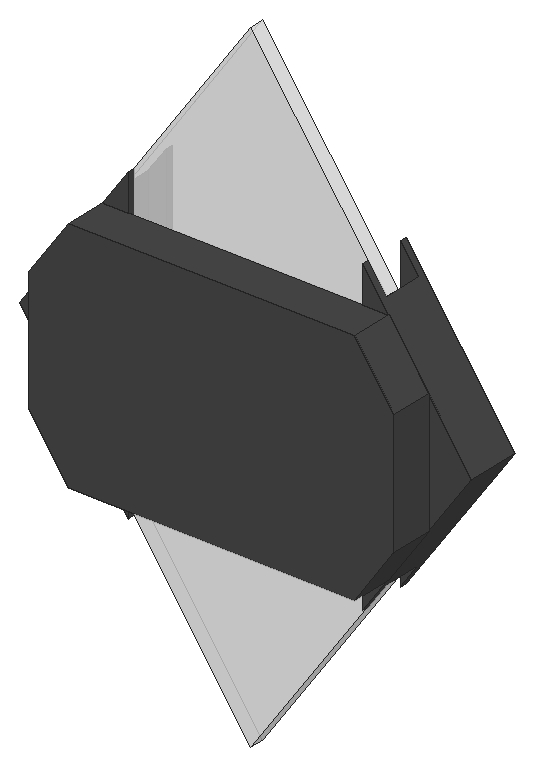
Revit family "3-707-xx Nova Wall Lantern", category Lighting Fixtures, host Wall, Revit 2020
Family settings
  Host = Wall
  Round Connector Dimension = Use Diameter
  Part Type = Normal
  OmniClass Number = 23.80.70.00
  OmniClass Title = Lighting
  Always vertical = Yes
  Cut with Voids When Loaded = No
  Light Source = Yes
  Shared = No
  Room Calculation Point = No
Parameters (values of type "3-707-15 / Black - White Frost Glass")
  Wattage Comments = ""
  Wattage = 12.48 W
  built-in parameter 1150110 = 1 (stored number, unit not read)
  Voltage Input = "120 V or 277 V - 50/60 Hz"  # constant formula
  Voltage = 120 V
  URL = "www.oxygenlighting.com"
  built-in parameter 1114217 = 1 (stored number, unit not read)
  built-in parameter 1150109 = 1 (stored number, unit not read)
  built-in parameter 1150134 = (empty or 0)
  built-in parameter 1150113 = 1 (stored number, unit not read)
  References = "Ref. 3 = 120 V / Ref. 37 = 277 V"  # constant formula
  Model = "3-707-xx Nova Wall Lantern"  # constant formula
  Metal Finish = 15 - Black
  Manufacturer = "Oxygen - Lighting & Fans"  # constant formula
  Main Diffuser = White Frost Glass
  Lumens = 321.984 lm
  built-in parameter 1150115 = 1 (stored number, unit not read)
  built-in parameter 1150105 = 25.623 (stored number, unit not read)
  Light Source Symbol Size = 24.00"
  built-in parameter 1150137 = (empty or 0)
  built-in parameter 1150139 = (empty or 0)
  built-in parameter 1150112 = 1 (stored number, unit not read)
  built-in parameter 1150114 = 1 (stored number, unit not read)
  Lamp = ""
  built-in parameter 1150132 = (empty or 0)
  built-in parameter 1150102 = (empty or 0)
  built-in parameter 1150138 = (empty or 0)
  built-in parameter 1150107 = 3000 (stored number, unit not read)
  built-in parameter 1150106 = 0.25623 (stored number, unit not read)
  built-in parameter 1150104 = 2.3969 (stored number, unit not read)
  Dimming Lamp Color Temperature Shift = <None>
  Default Elevation = 0.00"
  Color Filter = 16777215
  built-in parameter 1114218 = 1 (stored number, unit not read)
  built-in parameter 1150133 = 10 (stored number, unit not read)
Reference planes (in)
  plane 1: y = 0
  plane 2 "Light Source Axis (F/B)": y = 4.77076
  plane 3 "Light Source Axis (L/R)": x = -1.43133
  plane 4 "Light Source Elevation": z = 40
  plane 5 "Wall Face": y = 3
Text (in)
  text "Placement Side" at (0, 40.15149, 123.01588), in view "Right"
  text "Placement Side" at (-70.3804, 56.61594, 0), in view "Ref. Level"
  text "Placement Side" at (0, 47.49176, 140.59947), in view "Left"
Dimensions and locks (in)
  aligned and locked: plane 3 "Light Source Axis (L/R)" to imposter light
  aligned and locked: plane 5 "Wall Face" to host wall
  aligned and locked: nested 1 to plane 3 "Light Source Axis (L/R)"
  aligned and locked: plane 4 "Light Source Elevation" to nested 1
  aligned and locked: plane 5 "Wall Face" to nested 1
  aligned and locked: plane 2 "Light Source Axis (F/B)" to imposter light
  aligned and locked: plane 2 "Light Source Axis (F/B)" to nested 1
  aligned and locked: imposter light to plane 4 "Light Source Elevation"
Nested families (in)
  nested 1: "Family2" at (-1.43133, 3.7865, 40) x (-1, 0, 0) z (0, 0, 1), type "Family2"
Definition of nested family "Family2"
  Parameters
    Metal Finish = none
    Diffuser Material = none
    Default Elevation = 0.00"
  Reference planes (in)
    plane 1 "Center (Front/Back)": y = 0
    plane 2: z = 0
    plane 3 "Center (Left/Right)": x = 0
  Forms (in)
    Extrusion 1, solid, material <- "Metal Finish"
      sketch origin (0, 0, 0) x (1, 0, 0) y (0, 0, 1)
        loop
          line (-4.13177, 0) -> (-2.14333, -2.84264) -> (-2.14333, 2.84264) -> (-4.13177, 0)
        loop
          line (2.14751, 2.83976) -> (2.14751, -2.83976) -> (4.13595, 0) -> (2.14751, 2.83976)
      from 0 to 0.98425
    Extrusion 2, solid, material <- "Diffuser Material"
      sketch origin (0, 0, 0) x (1, 0, 0) y (0, 0, 1)
        loop
          line (-2.47822, 2.36388) -> (-2.47822, -2.36388) -> (0, -5.90671) -> (2.48241, -2.36149) -> (2.48241, 2.36149) -> (0, 5.90671) -> (-2.47822, 2.36388)
      from 0.11771 to 0.394
    Extrusion 3, solid, material <- "Metal Finish"
      sketch origin (0, 0, 0) x (1, 0, 0) y (0, 0, 1)
        loop
          line (-2.61709, 2.16535) -> (-3.34476, 1.12509) -> (-3.34476, -1.12509) -> (-2.61709, -2.16535) -> (2.61974, -2.16535) -> (3.34895, -1.12395) -> (3.34895, 1.12395) -> (2.61974, 2.16535) -> (-2.61709, 2.16535)
      from -0.7865 to 0
    Extrusion 4, void
      sketch origin (0, 0, 0) x (1, 0, 0) y (0, 1, 0)
        loop
          line (-2.47822, -0.11771) -> (-2.47822, -0.86704) -> (2.48241, -0.86704) -> (2.48241, -0.11771) -> (-2.47822, -0.11771)
      from -3.51038 to 3.35391
  Cuts and joins
    Extrusion 4 cuts Extrusion 1
  Dimensions and locks (in)
    aligned and locked: level to plane 2
